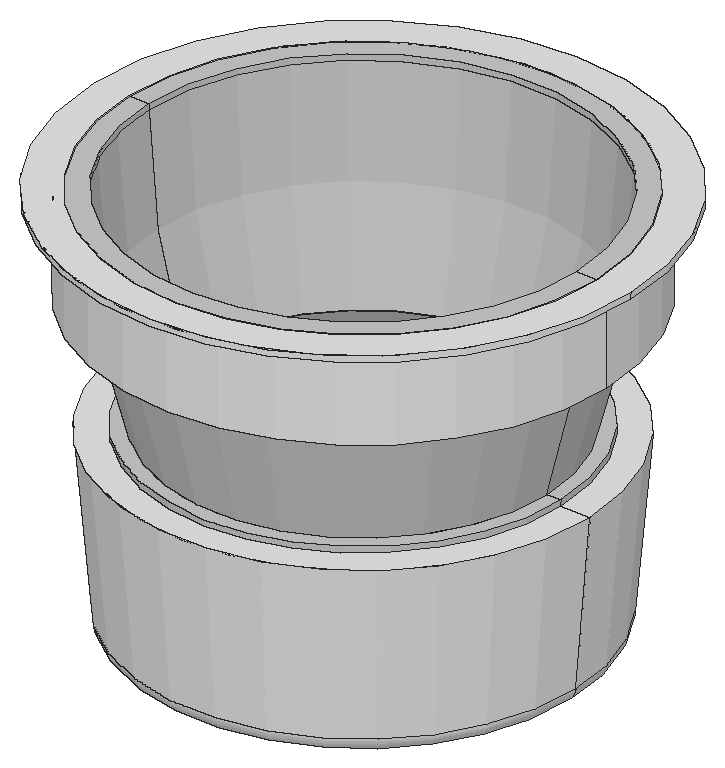
Revit family "2059360 Lighting Fixture_Sylvania_Ascent 150 II Round_Ceiling Recessed", category Lighting Fixtures, host Face, Revit 2017
Family settings
  Host = Face
  Round Connector Dimension = Use Diameter
  Part Type = Normal
  OmniClass Number = 23.80.70.11.17
  OmniClass Title = Specialized Lighting by Location or Use
  Cut with Voids When Loaded = No
  Light Source = Yes
  Shared = No
  Room Calculation Point = No
Parameters (values of type "ASCENT 150 II 2400 4K STD")
  Upper Body Radius = Radius - 14.5 mm  # 80.0 mm
  Upper Body Material = Metal_Sylvania_Ascent 150 II_Black
  Ring Outer Diameter = Diameter - 17.0 mm  # 172.0 mm
  Ring Inner Diameter = Ring Outer Diameter - 4.0 mm  # 168.0 mm
  Reflector Material = Metal_Sylvania_Ascent 150 II_Polished
  Recessed Depth = 142.0 mm
  Radius = Diameter / 2  # 94.5 mm
  Light Emit  Diameter = Diameter - 38.0 mm  # 151.0 mm
  LOR = "100%"  # constant formula
  Inrush Current (max. quantity per 16A C breaker) = "80"  # constant formula
  Inner Reflector Radius = Inner Radius - 19.5 mm  # 63.0 mm
  Inner Radius = Inner Diameter / 2  # 82.5 mm
  Inner Diameter = Diameter - 24.0 mm  # 165.0 mm
  IP Rating = "IP44"  # constant formula
  IK Rating = "IK02"  # constant formula
  Glow Wire Test = 650 °C  # constant formula
  Energy Class = "A++,A+,A"  # constant formula
  Weight = 1.7 kg
  Wattage = 19.626 W
  built-in parameter 1150110 = 1 (stored number, unit not read)
  Voltage Comments = "UNV (Universal Voltage; 220-240 Volt)"  # constant formula
  Voltage = 230 V  # constant formula
  URL = "https://www.sylvania-lighting.com"
  built-in parameter 1114217 = 1 (stored number, unit not read)
  Tilt Angle = -90°
  built-in parameter 1150109 = 1 (stored number, unit not read)
  built-in parameter 1150134 = 12
  built-in parameter 1150113 = 1 (stored number, unit not read)
  Product Page URL = "https://www.sylvania-lighting.com/product/en-int/products/2059360"
  Product Family = "ASCENT 150 II ROUND"  # constant formula
  Photometry Comments = ""
  Photometric Web File = "2059360_ASCENT150II24004KSTD-206220.ies"
  Life = "50 000 h"  # constant formula
  Emit from Circle Diameter = Light Emit  Diameter  # 151.0 mm
  Emit Shape Visible in Rendering = no
  Emergency duration (h) = "N/A"
  Electrical Protection = "Class II"  # constant formula
  Drive Current = "700mA"  # constant formula
  Distribution type = "Direct"  # constant formula
  Diffuser Material = Glass_Sylvania_Ascent 150 II_Clear_4000K
  Diameter = 189.0 mm
  Cutout Diameter = Diameter - 13.0 mm  # 176.0 mm
  Colour consistency (SDCM) = "3 step"  # constant formula
  built-in parameter 1114216 [instance] = 1 (stored number, unit not read)
  Model = "ASCENT 150 II 2400 4K STD"
  Manufacturer = "Feilo Sylvania"
  built-in parameter 1150105 = 1477.3 (stored number, unit not read)
  Lumens = 2414 lm
  built-in parameter 1150115 = 1 (stored number, unit not read)
  built-in parameter 1150137 = (empty or 0)
  built-in parameter 1150139 = (empty or 0)
  built-in parameter 1150112 = 1 (stored number, unit not read)
  built-in parameter 1150114 = 1 (stored number, unit not read)
  Lamp Comments = "Integrated LED"  # constant formula
  Lamp = "LED"  # constant formula
  built-in parameter 1150132 = 2
  built-in parameter 1150102 = (empty or 0)
  built-in parameter 1150107 = 4000 (stored number, unit not read)
  built-in parameter 1150138 = (empty or 0)
  built-in parameter 1150106 = 14.773 (stored number, unit not read)
  built-in parameter 1150104 = 11.427 (stored number, unit not read)
  Dimming Lamp Color Temperature Shift = <None>
  Description = "A very high efficient round downlight up to 127lm/W Long life >50,000hrs 4,000K and 3,000K CCT and CRI Ra85 IP44 rated for wet areas and bathrooms UGR <19 version for offices to comply with EN12464-1 Wide selection of decorative accessories"  # constant formula
  Default Elevation = 0.0 mm
  Color Filter = 16777215
  Catalog Number = "2059360 ASCENT 150 II 2400 4K STD"
  built-in parameter 1140040 [instance] = 1
  CRI (Ra) = ">80"  # constant formula
  built-in parameter 1114218 = 1 (stored number, unit not read)
  built-in parameter 1150133 = 10 (stored number, unit not read)
  Assembly Code = "D5020200"
  Apparent Load Comments = ""
  Apparent Load = 19 VA
  Accessory Material = Aluminum_Sylvania_Ascent 150 II_White
Reference planes
  plane 1 "Center (Front/Back)": y = 0
  plane 2: z = 0
  plane 3 "Center (Left/Right)": x = 0
  plane 4: z = 2
  plane 5: z = -74
  plane 6 "Fixture Top": z = -140
  plane 7: z = -31
  plane 8: z = -72
  plane 9: z = -62.037
Forms (mm)
  Extrusion 1, solid, material "Aluminum_Sylvania_Ascent 150 II_White" <- "Accessory Material", detail levels fine
    sketch origin (0, 0, 0) x (1, 0, 0) y (0, 1, 0)
      loop
        circle (0, 0) r 94.5
      loop
        circle (0, 0) r 82.5
    from 0 to 2
  Extrusion 2, void
    sketch origin (0, 0, 0) x (1, 0, 0) y (0, 1, 0)
      loop
        circle (0, 0) r 88
    from -140 to 2
  Revolve 3, solid, material "Metal_Sylvania_Ascent 150 II_Polished" <- "Reflector Material", detail levels fine
    sketch origin (0, 0, 0) x (1, 0, 0) y (0, 0, 1)
      loop
        line (-82.5, 0) -> (-77.5, 0)
        arc (-77.5, 0) -> (-74.352, -36.539) -> (-65, -72) r 213.61
        line (-65, -72) -> (-70, -72) -> (-70, -74) -> (0, -74) -> (0, -72) -> (-63, -72)
        arc (-63, -72) -> (-72.352, -36.539) -> (-75.5, 0) r 213.61
        line (-75.5, 0) -> (-75.5, 2) -> (-82.5, 2) -> (-82.5, 0)
      axis (0, 2) -> (0, -74)
    angle from 0 to 360
  Extrusion 4, solid, material "Aluminum_Sylvania_Ascent 150 II_White" <- "Accessory Material", detail levels fine
    sketch origin (0, 0, 0) x (1, 0, 0) y (0, 1, 0)
      loop
        circle (0, 0) r 86
      loop
        circle (0, 0) r 84
    from -31 to 0
  Revolve 5, solid, material "Glass_Sylvania_Ascent 150 II_Clear_4000K" <- "Diffuser Material", detail levels fine
    sketch origin (0, 0, 0) x (1, 0, 0) y (0, 0, 1)
      loop
        line (-63, -72) -> (0, -72) -> (0, -62.037)
        arc (0, -62.037) -> (-31.891, -64.543) -> (-63, -72) r 204.163
      axis (0, -62.037) -> (0, -72)
    angle from 0 to 360
  Revolve 6, solid, material "Metal_Sylvania_Ascent 150 II_Black" <- "Upper Body Material", detail levels fine
    sketch origin (0, 0, 0) x (1, 0, 0) y (0, 0, 1)
      loop
        line (0, -74) -> (-80, -74) -> (-75.107, -129.929)
        arc (-75.107, -129.929) -> (-73.452, -133.536) -> (-69.924, -135.353) r 6.079
        arc (-69.924, -135.353) -> (-35.039, -138.837) -> (0, -140) r 528.435
        line (0, -140) -> (0, -74)
      axis (0, -74) -> (0, -140)
    angle from 0 to 360
  Revolve 7, solid, material "Aluminum_Sylvania_Ascent 150 II_White" <- "Accessory Material", detail levels coarse+medium
    sketch origin (0, 0, 0) x (1, 0, 0) y (0, 0, 1)
      loop
        arc (-69.924, -135.353) -> (-35.039, -138.837) -> (0, -140) r 528.435
        line (0, -140) -> (0, 2) -> (-94.5, 2) -> (-94.5, 0) -> (-86, 0) -> (-86, -31)
        arc (-86, -31) -> (-84.493, -52.708) -> (-80, -74) r 157.083
        line (-80, -74) -> (-75.107, -129.929)
        arc (-75.107, -129.929) -> (-73.452, -133.536) -> (-69.924, -135.353) r 6.079
      axis (0, 2) -> (0, -140)
    angle from 0 to 360
Cuts and joins
  joined: Extrusion 1, Extrusion 4
Lines and regions (mm)
  Masking region 1
    outline origin (0, 0, 0) x (1, 0, 0) y (0, 1, 0)
      loop
        circle (0, 0) r 94.5
  symbolic lines, detail levels fine
    curve 1: arc (-75.5, 0, 0) -> (0, 75.5, 0) -> (75.5, 0, 0) r 75.5
    curve 2: arc (75.5, 0, 0) -> (0, -75.5, 0) -> (-75.5, 0, 0) r 75.5
Dimensions and locks
  plane 4 to plane 2 to plane 7 to plane 9 to plane 8 to plane 5 = 2.0 mm locked, 31.0 mm locked, 31.037 mm locked, 9.963 mm locked, 2.0 mm locked
  "Inner Radius": plane 3 "Center (Left/Right)" to Revolve 3 sketch curve
  locked: Revolve 3 sketch curve to Revolve 3 sketch curve at 7
  Revolve 3 sketch curve to Revolve 3 sketch curve to Revolve 3 sketch curve to Revolve 3 sketch curve = 2.0 mm locked, 5.0 mm locked, 12.5 mm locked
  "Inner Reflector Radius": Revolve 5 sketch curve to imposter light
  Revolve 6 sketch curve to Revolve 6 sketch curve to plane 6 "Fixture Top" = 5.424 mm locked, 4.647 mm locked
  "Recessed Depth": plane 4 to plane 6 "Fixture Top"
  "Upper Body Radius": plane 3 "Center (Left/Right)" to Revolve 6 sketch curve
  Revolve 6 sketch curve to Revolve 6 sketch curve to Revolve 6 sketch curve = 4.893 mm locked, 5.183 mm locked
  Revolve 7 sketch curve to Revolve 7 sketch curve to plane 6 "Fixture Top" = 5.424 mm locked, 4.647 mm locked
  Revolve 7 sketch curve to Revolve 7 sketch curve to Revolve 7 sketch curve to Revolve 7 sketch curve to Revolve 7 sketch curve = 8.5 mm locked, 6.0 mm locked, 4.893 mm locked, 5.183 mm locked
  "Radius": plane 3 "Center (Left/Right)" to Revolve 7 sketch curve
  "Diameter": diameter of Extrusion 1 sketch curve
  "Inner Diameter": diameter of Extrusion 1 sketch curve
  "Cutout Diameter": diameter of Extrusion 2 sketch curve
  "Ring Outer Diameter": diameter of Extrusion 4 sketch curve
  "Ring Inner Diameter": diameter of Extrusion 4 sketch curve
  aligned and locked: plane 2 to host face
  aligned and locked: level to host face
  aligned and locked: imposter light to plane 3 "Center (Left/Right)"
  aligned and locked: imposter light to plane 1 "Center (Front/Back)"
  aligned and locked: Extrusion 1 to plane 2
  aligned and locked: plane 4 to Extrusion 1
  aligned and locked: imposter light to plane 4
  aligned and locked: imposter light to Revolve 3 sketch curve
  aligned and locked: Revolve 3 sketch curve to imposter light
  aligned and locked: Revolve 3 sketch curve to plane 2
  aligned and locked: Revolve 3 sketch curve to Revolve 3 sketch curve
  aligned and locked: plane 5 to Revolve 3 sketch curve
  aligned and locked: Extrusion 4 to plane 7
  aligned and locked: Revolve 3 sketch curve to plane 8
  aligned and locked: Revolve 5 sketch curve to plane 8
  aligned and locked: imposter light to Revolve 5 sketch curve  (x2)
  aligned and locked: imposter light to Revolve 6 sketch curve  (x2)
  aligned and locked: plane 5 to Revolve 6 sketch curve
  aligned and locked: plane 6 "Fixture Top" to Revolve 6 sketch curve
  aligned and locked: Revolve 7 sketch curve to plane 2
  aligned and locked: plane 4 to Revolve 7 sketch curve
  aligned and locked: plane 7 to Revolve 7 sketch curve
  aligned and locked: imposter light to Extrusion 2
  aligned and locked: Extrusion 2 to plane 6 "Fixture Top"
  aligned and locked: Masking region 1 sketch curve to Revolve 7  (x2)
  aligned and locked: curve 1 to Revolve 3
  aligned and locked: curve 2 to Revolve 3
Automatic sketch dimensions
  host sketch curve to host sketch curve = 1040.406 mm
  host sketch curve to host sketch curve = 988.385 mm
  Extrusion 1 sketch curve to Extrusion 1 sketch curve = 0.0 mm  (x2)
  plane 1 "Center (Front/Back)" to Extrusion 1 sketch curve = 0.0 mm
  Extrusion 1 sketch curve to plane 3 "Center (Left/Right)" = 0.0 mm
  plane 1 "Center (Front/Back)" to Extrusion 2 sketch curve = 0.0 mm
  Extrusion 2 sketch curve to plane 3 "Center (Left/Right)" = 0.0 mm
  Revolve 3 sketch curve to plane 3 "Center (Left/Right)" = 0.0 mm
  Revolve 3 sketch curve to level = 0.0 mm
  Revolve 3 sketch curve to Revolve 3 sketch curve = 2.0 mm
  Revolve 3 sketch curve to plane 5 = 27.065 mm
  plane 4 to Revolve 3 sketch curve = 16.525 mm
  Extrusion 4 sketch curve to Extrusion 4 sketch curve = 0.0 mm  (x2)
  plane 1 "Center (Front/Back)" to Extrusion 4 sketch curve = 0.0 mm
  Extrusion 4 sketch curve to plane 3 "Center (Left/Right)" = 0.0 mm
  Revolve 5 sketch curve to plane 9 = 0.0 mm
  Revolve 5 sketch curve to plane 5 = 17.158 mm
  Revolve 5 sketch curve to plane 7 = 15.158 mm
  Revolve 6 sketch curve to plane 7 = 0.0 mm
  Revolve 6 sketch curve to Revolve 6 sketch curve = 6.05 mm
  Revolve 6 sketch curve to plane 6 "Fixture Top" = 26.0 mm
  Revolve 7 sketch curve to plane 3 "Center (Left/Right)" = 0.0 mm  (x2)
  Revolve 7 sketch curve to plane 6 "Fixture Top" = 0.0 mm
  Revolve 7 sketch curve to plane 5 = 0.0 mm
  Revolve 7 sketch curve to plane 7 = 0.0 mm
  Revolve 7 sketch curve to Revolve 7 sketch curve = 0.866 mm
  Revolve 7 sketch curve to Revolve 7 sketch curve = 26.0 mm
Connectors
  electrical at (0, 0, -140), driven by "Apparent Load", driven by "Voltage"
    settings: index 1, voltage 230 V, apparent load 0 VA, apparent load phase1 19 VA, apparent load phase2 0 VA, apparent load phase3 0 VA, power factor 1, load classification "Lighting", number of poles 1, system type 31, power factor state 1, is connector primary yes, connector utility no, sub classification motor no, connector description ""
